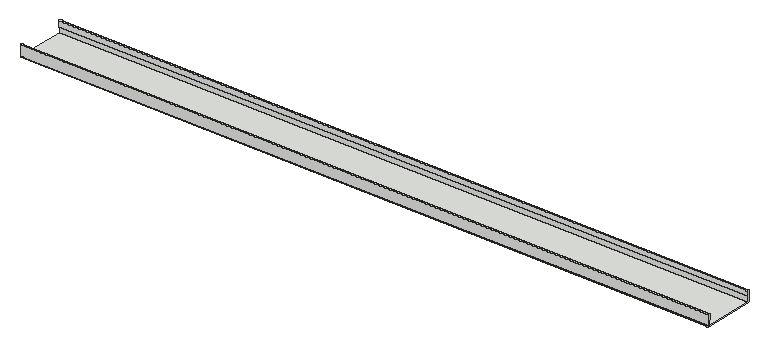
Revit family "PR726", category Mechanical Equipment, Revit 2018
Family settings
  Round Connector Dimension = Use Diameter
  Part Type = Normal
  OmniClass Number = 23.75.00.00
  OmniClass Title = Climate Control (HVAC)
  Work Plane-Based = No
  Always vertical = Yes
  Cut with Voids When Loaded = No
  Shared = No
  Room Calculation Point = No
Parameters (values of type "ISOLAMIN PR726 flashing")
  URL = "http://www.isolamin.se/"
  Thickness = "0.7 mm (Different thicknesses are available on request)"
  Profile Length = 1180 mm
  Model = "PR726"
  Material = "Galvanized Steel"
  Manufacturer = "ISOLAMIN AB"
  Edition = "1.0 (2018)"
Reference planes
  plane 1 "Center (Front/Back)": y = 0
  plane 2: z = 0
  plane 3 "Center (Left/Right)": x = 0
  plane 4: y = -1284.913
  plane 5: x = 1180
Forms (mm)
  Extrusion 1, solid, material "ISOLAMIN Surface Profile Material"
    sketch origin (0, 0, 0) x (0, 1, 0) y (0, 0, 1)
      loop
        line (-2, 10.7) -> (-1, 10.7) -> (-1, 1) -> (-84, 1) -> (-84, 10.7) -> (-83, 10.7) -> (-83, 19.256)
        arc (-83, 19.256) -> (-84, 20) -> (-85, 19.256) r 1.044
        line (-85, 19.256) -> (-85, 1)
        arc (-85, 1) -> (-84.707, 0.293) -> (-84, 0) r 1
        line (-84, 0) -> (-1, 0)
        arc (-1, 0) -> (-0.293, 0.293) -> (0, 1) r 1
        line (0, 1) -> (0, 19.256)
        arc (0, 19.256) -> (-1, 20) -> (-2, 19.256) r 1.044
        line (-2, 19.256) -> (-2, 10.7)
    from 0 to 1180
Dimensions and locks
  "Profile Length": plane 3 "Center (Left/Right)" to plane 5
  aligned and locked: level to plane 2
  aligned and locked: plane 5 to Extrusion 1
Automatic sketch dimensions
  Extrusion 1 sketch curve to level = 0 mm
  Extrusion 1 sketch curve to plane 1 "Center (Front/Back)" = 0 mm
  plane 1 "Center (Front/Back)" to Extrusion 1 sketch curve = 1 mm  (x3)
  Extrusion 1 sketch curve to Extrusion 1 sketch curve = 1 mm  (x4)
  level to Extrusion 1 sketch curve = 10.7 mm
  Extrusion 1 sketch curve to Extrusion 1 sketch curve = 81 mm
  Extrusion 1 sketch curve to Extrusion 1 sketch curve = 0 mm  (x2)
  Extrusion 1 sketch curve to Extrusion 1 sketch curve = 9.7 mm
  Extrusion 1 sketch curve to Extrusion 1 sketch curve = 8.256 mm  (x2)
  Extrusion 1 sketch curve to Extrusion 1 sketch curve = 0.3 mm  (x2)
